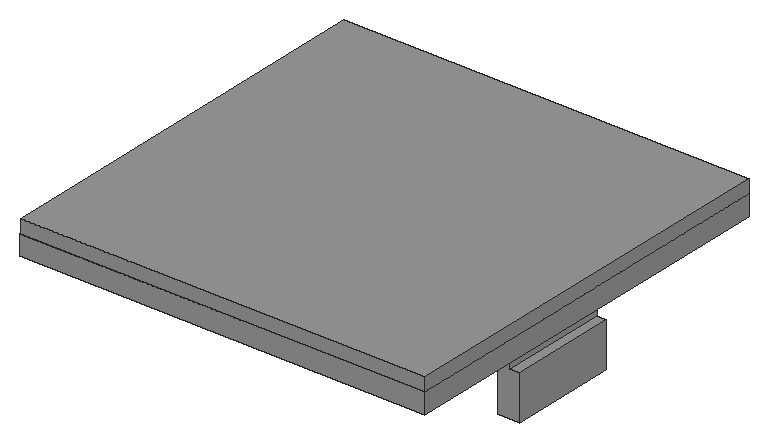
Revit family "Blindabdeckung für Modul45_Einbauöffnung", category Generic Models, Revit 2015
Parameters (values of type "LP 45")
  URL = "http://www.obo-bettermann.com"
  Material = Nylon 6
  Manufacturer Art.No. = "7407584"
  Manufacturer = "OBO Bettermann"
  GTIN = "4012195112440"
  Article Type = "LP 45"
Reference planes
  plane 1 "Center (Front/Back)": y = 0
  plane 2: z = 0
  plane 3 "Center (Left/Right)": x = 0
  plane 4: y = 22.5
  plane 5: x = -22.5
  plane 6: x = 22.5
  plane 7: y = -22.5
  plane 8: z = 1.5
  plane 9: z = -2.25
  plane 10: y = 20.5
  plane 11: x = 20.5
  plane 12: y = -20.5
  plane 13: x = -20.5
  plane 14: z = -11.2
  plane 15: z = -6.2
  plane 16: x = -18.796
  plane 17: x = -17.396
  plane 18: x = 17.396
  plane 19: x = 18.796
  plane 20: x = 19.896
  plane 21: x = -19.896
  plane 22: y = 6
  plane 23: y = -6
Forms (mm)
  Extrusion 1, solid, material "Nylon 6" <- "Material"
    sketch origin (0, 0, 0) x (1, 0, 0) y (0, 1, 0)
      loop
        line (-22.5, 22.5) -> (-22.5, -22.5) -> (22.5, -22.5) -> (22.5, 22.5) -> (-22.5, 22.5)
    from 0 to 1.5
  Extrusion 2, solid, material "Nylon 6" <- "Material"
    sketch origin (0, 0, 0) x (1, 0, 0) y (0, 1, 0)
      loop
        line (-22.5, 22.5) -> (-22.5, -22.5) -> (22.5, -22.5) -> (22.5, 22.5) -> (-22.5, 22.5)
      loop
        line (-20.5, 20.5) -> (-20.5, -20.5) -> (20.5, -20.5) -> (20.5, 20.5) -> (-20.5, 20.5)
    from -2.25 to 0
  Extrusion 3, solid, material "Nylon 6" <- "Material"
    sketch origin (0, 0, 0) x (1, 0, 0) y (0, 0, 1)
      loop
        line (-17.396, 0) -> (-18.796, 0) -> (-18.796, -6.2) -> (-19.896, -6.2) -> (-19.896, -11.2) -> (-17.396, -11.2) -> (-17.396, 0)
      loop
        line (17.396, 0) -> (17.396, -11.2) -> (19.896, -11.2) -> (19.896, -6.2) -> (18.796, -6.2) -> (18.796, 0) -> (17.396, 0)
    from -6 to 6
Lines and regions (mm)
  model lines
    curve 1: line (17.396, 0, 0) -> (17.396, 0, -11.2)
    curve 2: line (17.396, 0, -11.2) -> (19.896, 0, -11.2)
    curve 3: line (19.896, 0, -11.2) -> (19.896, 0, -6.2)
    curve 4: line (19.896, 0, -6.2) -> (18.796, 0, -6.2)
    curve 5: line (18.796, 0, -6.2) -> (18.796, 0, 0)
    curve 6: line (-17.396, 0, 0) -> (-17.396, 0, -11.2)
    curve 7: line (-17.396, 0, -11.2) -> (-19.896, 0, -11.2)
    curve 8: line (-19.896, 0, -11.2) -> (-19.896, 0, -6.2)
    curve 9: line (-19.896, 0, -6.2) -> (-18.796, 0, -6.2)
    curve 10: line (-18.796, 0, -6.2) -> (-18.796, 0, 0)
Dimensions and locks
  equal spacing: plane 5, plane 3 "Center (Left/Right)", plane 6
  locked: plane 5 to plane 6 at 45
  equal spacing: plane 4, plane 1 "Center (Front/Back)", plane 7
  locked: plane 4 to plane 7 at 45
  locked: level to plane 8 at 1.5
  locked: plane 9 to plane 8 at 3.75
  locked: plane 5 to plane 13 at 2
  locked: plane 4 to plane 10 at 2
  locked: plane 12 to plane 7 at 2
  locked: plane 11 to plane 6 at 2
  equal spacing: plane 16, plane 3 "Center (Left/Right)", plane 19
  locked: plane 16 to plane 19 at 37.592
  locked: plane 18 to plane 19 at 1.4
  locked: plane 16 to plane 17 at 1.4
  locked: plane 14 to plane 15 at 5
  locked: plane 14 to level at 11.2
  locked: plane 18 to plane 20 at 2.5
  locked: plane 21 to plane 17 at 2.5
  equal spacing: plane 22, plane 1 "Center (Front/Back)", plane 23
  locked: plane 22 to plane 23 at 12
  aligned and locked: level to plane 2
  aligned and locked: Extrusion 1 sketch curve to plane 4
  aligned and locked: plane 5 to Extrusion 1 sketch curve
  aligned and locked: plane 7 to Extrusion 1 sketch curve
  aligned and locked: Extrusion 1 sketch curve to plane 6
  aligned and locked: Extrusion 1 to level
  aligned and locked: plane 8 to Extrusion 1
  aligned and locked: Extrusion 2 sketch curve to Extrusion 1  (x4)
  aligned and locked: Extrusion 2 sketch curve to plane 10
  aligned and locked: plane 13 to Extrusion 2 sketch curve
  aligned and locked: plane 12 to Extrusion 2 sketch curve
  aligned and locked: Extrusion 2 sketch curve to plane 11
  aligned and locked: Extrusion 2 to plane 9
  aligned and locked: level to Extrusion 2
  aligned and locked: plane 18 to curve 1
  aligned and locked: curve 2 to plane 14
  aligned and locked: curve 3 to plane 20
  aligned and locked: plane 15 to curve 4
  aligned and locked: curve 5 to plane 19
  aligned and locked: plane 17 to curve 6
  aligned and locked: plane 14 to curve 7
  aligned and locked: curve 8 to plane 21
  aligned and locked: curve 9 to plane 15
  aligned and locked: curve 10 to plane 16
  aligned and locked: Extrusion 3 sketch curve to curve 6
  aligned and locked: Extrusion 3 sketch curve to curve 7
  aligned and locked: Extrusion 3 sketch curve to curve 8
  aligned and locked: Extrusion 3 sketch curve to curve 9
  aligned and locked: Extrusion 3 sketch curve to curve 10
  aligned and locked: Extrusion 3 sketch curve to curve 1
  aligned and locked: Extrusion 3 sketch curve to curve 2
  aligned and locked: Extrusion 3 sketch curve to curve 3
  aligned and locked: Extrusion 3 sketch curve to curve 4
  aligned and locked: Extrusion 3 sketch curve to curve 5
  aligned and locked: plane 2 to Extrusion 3 sketch curve
  aligned and locked: Extrusion 3 sketch curve to plane 2
  aligned and locked: plane 22 to Extrusion 3
  aligned and locked: Extrusion 3 to plane 23
Automatic sketch dimensions
  curve 5 to level = 0 mm
  curve 6 to level = 0 mm
  curve 1 to level = 0 mm
  curve 10 to level = 0 mm
